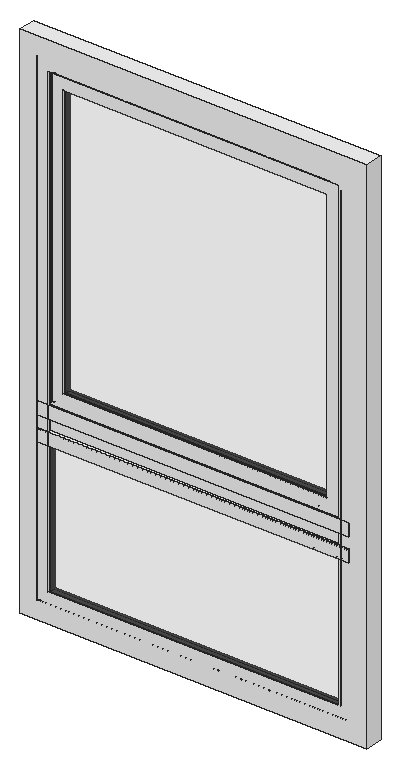
Revit family
Parameters (values of type "TH-PT0609")
  Height = 890 mm
  Head Height = 2125 mm
  Default Sill Height = Head Height - Height  # 1235 mm
  Wall Closure = (empty or 0)
  Width = 590 mm
Types (9, lengths in mm): name | Height | Default Sill Height | Width
  (no name) | 890 | 1235 | 590
  TH-PT0609 | 890 | 1235 | 590
  TH-PT0909 | 890 | 1235 | 890
  TH-PT0612 | 1190 | 935 | 590
  TH-PT0912 | 1190 | 935 | 890
  TH-PT0615 | 1490 | 635 | 590
  TH-PT0915 | 1490 | 635 | 890
  TH-PT0918 | 1790 | 335 | 890
  TH-PT0618 | 1790 | 335 | 590
Reference planes
  plane 1 "Center (Front/Back)": y = 0
  plane 2 "Center (Left/Right)": x = 0
  plane 3 "Left": x = -295
  plane 4 "Right": x = 295
  plane 5 "Sill": z = 1235
  plane 6 "Head": z = 2125
  plane 7 "Exterior": y = 100
  plane 8 "Interior": y = -100
  plane 9: y = -30.5
  plane 10: x = 0
  plane 11: z = 1560
Forms (mm)
  Sweep 1, solid, material "Default Frame"
    path origin (0, 100, 0) x (1, 0, 0) y (0, 0, 1)
      loop
        line (295, 2125) -> (-295, 2125) -> (-295, 1235) -> (295, 1235) -> (295, 2125)
    profile origin (0, 100, 2125) x (0, 0, -1) y (0, -1, 0)
      loop
        line (0, 115.25) -> (0, 84.75) -> (30.58, 84.75) -> (30.58, 87.464) -> (28.08, 86.021) -> (28.08, 113.85) -> (39.575, 113.85) -> (39.575, 111.85) -> (46.275, 111.85)
        arc (46.275, 111.85) -> (46.875, 111.25) -> (47.475, 111.85) r 0.6
        line (47.475, 111.85) -> (47.475, 115.25) -> (0, 115.25)
  Sweep 2, solid, material "Default Frame"
    path origin (-50, -100, -50) x (1, 0, 0) y (0, 0, -1)
      loop
        line (295, -2125) -> (295, -1620.96) -> (-195, -1620.96) -> (-195, -2125) -> (295, -2125)
    profile origin (0, -100, 2075) x (0, 0, 1) y (0, 1, 0)
      loop
        line (-2.36, 95.735) -> (-1.858, 90.997)
        arc (-1.858, 90.997) -> (-1.541, 90.736) -> (-1.26, 91.035) r 0.3
        line (-1.26, 91.035) -> (-1.26, 117.263) -> (-3.26, 116.536) -> (-3.26, 118.735) -> (-4.719, 118.735) -> (-17.687, 105.637) -> (-17.687, 104.637) -> (-5.88, 104.637) -> (-5.88, 105.637) -> (-2.36, 105.637) -> (-2.36, 95.735)
  Extrusion 3, solid, material "Glass"
    sketch origin (0, 0.5, 0) x (1, 0, 0) y (0, 0, 1)
      loop
        line (239.12, 2069.12) -> (-239.12, 2069.12) -> (-239.12, 1576.84) -> (239.12, 1576.84) -> (239.12, 2069.12)
    from 0 to 3
  Extrusion 4, solid, material "Glass"
    sketch origin (0, -3.513, -241.757) x (1, 0, 0) y (0, 0, 1)
      loop
        line (261.762, 1762.679) -> (-261.762, 1762.679) -> (-261.762, 1509.957) -> (261.762, 1509.957) -> (261.762, 1762.679)
    from 0 to 3
  Sweep 5, solid, material "Default Frame"
    path origin (-50, -100, -50) x (1, 0, 0) y (0, 0, -1)
      loop
        line (295, -2125) -> (295, -1621) -> (-195, -1621) -> (-195, -2125) -> (295, -2125)
    profile origin (0, -100, 2075) x (0, 0, 1) y (0, 1, 0)
      loop
        line (10.425, 88.75) -> (10.425, 91.464) -> (7.92, 90.018) -> (7.92, 117.85) -> (19.42, 117.85) -> (19.42, 115.85) -> (26.12, 115.85)
        arc (26.12, 115.85) -> (26.72, 115.25) -> (27.32, 115.85) r 0.6
        line (27.32, 115.85) -> (27.32, 119.25) -> (-3.26, 119.25) -> (-3.26, 116.536) -> (-0.76, 117.979) -> (-0.76, 90.15) -> (-12.255, 90.15) -> (-12.255, 92.15) -> (-18.955, 92.15)
        arc (-18.955, 92.15) -> (-19.555, 92.75) -> (-20.155, 92.15) r 0.6
        line (-20.155, 92.15) -> (-20.155, 88.75) -> (10.425, 88.75)
  Sweep 6, solid, material "Default Frame"
    path origin (-50, -100, -321.458) x (1, 0, 0) y (0, 0, -1)
      loop
        line (322.62, -1853.238) -> (322.62, -1578.8) -> (-222.62, -1578.8) -> (-222.62, -1853.238) -> (322.62, -1853.238)
    profile origin (0, -100, 1531.78) x (0, 0, 1) y (0, 1, 0)
      loop
        line (-7.338, 91.735) -> (-6.836, 86.997)
        arc (-6.836, 86.997) -> (-6.519, 86.736) -> (-6.238, 87.035) r 0.3
        line (-6.238, 87.035) -> (-6.238, 113.263) -> (-8.238, 112.536) -> (-8.238, 114.735) -> (-9.697, 114.735) -> (-22.664, 101.637) -> (-22.664, 100.637) -> (-10.858, 100.637) -> (-10.858, 101.637) -> (-7.338, 101.637) -> (-7.338, 91.735)
  Sweep 7, solid, material "Rubber seal"
    path origin (-50, -100, -50) x (1, 0, 0) y (0, 0, -1)
      loop
        line (295, -2125) -> (295, -1620.96) -> (-195, -1620.96) -> (-195, -2125) -> (295, -2125)
    profile origin (0, -100, 2075) x (0, 0, 1) y (0, 1, 0)
      loop
        line (-18.698, 104.637) -> (-22.835, 100.5) -> (-12.329, 100.5) -> (-12.329, 104.637) -> (-18.698, 104.637)
      loop
        line (-22.835, 97.5) -> (-19.555, 92.75) -> (-12.329, 92.75) -> (-12.329, 97.5) -> (-22.835, 97.5)
  Sweep 8, solid, material "Rubber seal"
    path origin (-50, -100, -326.955) x (1, 0, 0) y (0, 0, -1)
      loop
        line (328.12, -1864.235) -> (328.12, -1578.835) -> (-228.12, -1578.835) -> (-228.12, -1864.235) -> (328.12, -1864.235)
    profile origin (0, -100, 1537.28) x (0, 0, 1) y (0, 1, 0)
      loop
        line (-29.146, 100.637) -> (-33.255, 96.487) -> (-22.798, 96.487) -> (-22.798, 100.637) -> (-29.146, 100.637)
      loop
        line (-33.255, 93.487) -> (-30.03, 88.75) -> (-22.798, 88.75) -> (-22.798, 93.487) -> (-33.255, 93.487)
  Sweep 9, solid, material "Default Frame"
    path origin (0, 100, -612.42) x (1, 0, 0) y (0, 0, 1)
      loop
        line (264.44, 2175) -> (-264.44, 2175)
    profile origin (0, 100, 1562.58) x (0, 0, -1) y (0, -1, 0)
      loop
        line (-5.9, 115.25) -> (-5.9, 111.85)
        arc (-5.9, 111.85) -> (-5.3, 111.25) -> (-4.7, 111.85) r 0.6
        line (-4.7, 111.85) -> (2, 111.85) -> (2, 113.85) -> (13.5, 113.85) -> (13.5, 86.026) -> (11, 87.47) -> (11, 84.75) -> (39, 84.75) -> (39, 87.47) -> (36.5, 86.026) -> (36.5, 113.85) -> (48, 113.85) -> (48, 111.85) -> (54.7, 111.85)
        arc (54.7, 111.85) -> (55.3, 111.25) -> (55.9, 111.85) r 0.6
        line (55.9, 111.85) -> (55.9, 115.25) -> (34.5, 115.25) -> (34.5, 111.07) -> (15.5, 111.07) -> (15.5, 115.25) -> (-5.9, 115.25)
Lines and regions (mm)
  Opening 1
    outline origin (3500, -100, 0) x (1, 0, 0) y (0, 0, 1)
      loop
        line (-3205, 1235) -> (-3205, 2125) -> (-3795, 2125) -> (-3795, 1235) -> (-3205, 1235)
  symbolic lines, style "Elevation Swing"
    curve 1: line (272.32, 19.25, 2102.32) -> (0, 19.25, 1543.68)
    curve 2: line (0, 19.25, 1543.68) -> (-272.355, 19.25, 2102.355)
Text (mm)
  text "EXTERIOR" at (-1963.203, 1332.353, 0), in view "Ref. Level"
  text "INTERIOR" at (-1981.466, -818.386, 0), in view "Ref. Level"
  text "Exterior" at (0, 923.751, 2943.296), in view "Right"
  text "Exterior" at (0, 1040.484, 2685.409), in view "Left"
Dimensions and locks
  equal spacing: plane 3 "Left", plane 2 "Center (Left/Right)", plane 4 "Right"
  "Width": plane 3 "Left" to plane 4 "Right"
  "Height": plane 5 "Sill" to plane 6 "Head"
  "Default Sill Height": plane 5 "Sill" to level
  locked: plane 7 "Exterior" to host wall at 0
  locked: plane 8 "Interior" to host wall
  Extrusion 3 sketch curve to Sweep 5 = 2.62 mm  (x3)
  Sweep 5 to Extrusion 3 sketch curve = 2.58 mm
  equal spacing: plane 3 "Left", plane 10, plane 4 "Right"
  locked: Sweep 2 sketch curve to Sweep 5 at 3.3
  locked: Sweep 7 sketch curve to Sweep 5 at 3.3
  locked: Sweep 1 to Sweep 6 sketch curve at 8.2  (x2)
  locked: Sweep 9 to Sweep 6 sketch curve at 8.2
  Sweep 9 to Sweep 8 sketch curve = 13.7 mm
  Sweep 1 to Sweep 8 sketch curve = 13.7 mm  (x2)
  Sweep 8 sketch curve to Sweep 1 = 13.7 mm
  aligned and locked: plane 10 to curve 2
Automatic sketch dimensions
  Opening 1 sketch curve to plane 3 "Left" = 0 mm
  Opening 1 sketch curve to plane 4 "Right" = 0 mm
  Opening 1 sketch curve to plane 5 "Sill" = 0 mm
  Opening 1 sketch curve to plane 6 "Head" = 0 mm
  Sweep 1 sketch curve to plane 3 "Left" = 0 mm
  Sweep 1 sketch curve to plane 4 "Right" = 0 mm
  Sweep 1 sketch curve to plane 5 "Sill" = 0 mm
  Sweep 1 sketch curve to plane 6 "Head" = 0 mm
  Sweep 1 sketch curve to profile plane = 0 mm
  Sweep 1 sketch curve to profile plane = 28.08 mm
  Sweep 1 sketch curve to Sweep 1 sketch curve = 2.5 mm
  Sweep 1 sketch curve to Sweep 1 sketch curve = 11.495 mm
  Sweep 1 sketch curve to Sweep 1 sketch curve = 6.7 mm
  Sweep 1 sketch curve to Sweep 1 sketch curve = 0.6 mm
  profile plane to Sweep 1 sketch curve = 84.75 mm
  Sweep 1 sketch curve to Sweep 1 sketch curve = 1.271 mm
  Sweep 1 sketch curve to Sweep 1 sketch curve = 2.714 mm
  Sweep 1 sketch curve to Sweep 1 sketch curve = 24.386 mm
  Sweep 1 sketch curve to Sweep 1 sketch curve = 2 mm
  Sweep 1 sketch curve to Sweep 1 sketch curve = 3.4 mm
  Sweep 2 sketch curve to plane 3 "Left" = 50 mm
  plane 4 "Right" to Sweep 2 sketch curve = 50 mm
  plane 6 "Head" to Sweep 2 sketch curve = 50 mm
  profile plane to Sweep 2 sketch curve = 17.687 mm
  profile plane to Sweep 2 sketch curve = 5.88 mm
  profile plane to Sweep 2 sketch curve = 4.719 mm
  Sweep 2 sketch curve to Sweep 2 sketch curve = 1.459 mm
  profile plane to Sweep 2 sketch curve = 2.36 mm
  profile plane to Sweep 2 sketch curve = 1.858 mm
  Sweep 2 sketch curve to Sweep 2 sketch curve = 0.298 mm
  Sweep 2 sketch curve to Sweep 2 sketch curve = 0.3 mm
  profile plane to Sweep 2 sketch curve = 90.997 mm
  Sweep 2 sketch curve to Sweep 2 sketch curve = 4.738 mm
  Sweep 2 sketch curve to Sweep 2 sketch curve = 8.902 mm
  Sweep 2 sketch curve to Sweep 2 sketch curve = 1 mm  (x2)
  Sweep 2 sketch curve to Sweep 2 sketch curve = 10.899 mm
  Sweep 2 sketch curve to Sweep 2 sketch curve = 0.728 mm
  Sweep 2 sketch curve to Sweep 2 sketch curve = 2.2 mm
  plane 11 to Extrusion 4 sketch curve = 39.078 mm
  Extrusion 4 sketch curve to plane 3 "Left" = 33.238 mm
  plane 4 "Right" to Extrusion 4 sketch curve = 33.238 mm
  Extrusion 4 sketch curve to plane 5 "Sill" = 33.2 mm
  Sweep 5 sketch curve to plane 3 "Left" = 50 mm
  Sweep 5 sketch curve to plane 11 = 11 mm
  plane 4 "Right" to Sweep 5 sketch curve = 50 mm
  plane 6 "Head" to Sweep 5 sketch curve = 50 mm
  profile plane to Sweep 5 sketch curve = 20.155 mm
  Sweep 5 sketch curve to Sweep 5 sketch curve = 0.6 mm  (x2)
  Sweep 5 sketch curve to Sweep 5 sketch curve = 6.7 mm  (x2)
  profile plane to Sweep 5 sketch curve = 3.26 mm
  profile plane to Sweep 5 sketch curve = 0.76 mm
  Sweep 5 sketch curve to profile plane = 7.92 mm
  Sweep 5 sketch curve to Sweep 5 sketch curve = 2.505 mm
  Sweep 5 sketch curve to Sweep 5 sketch curve = 11.5 mm
  profile plane to Sweep 5 sketch curve = 88.75 mm
  Sweep 5 sketch curve to Sweep 5 sketch curve = 1.268 mm
  Sweep 5 sketch curve to Sweep 5 sketch curve = 1.4 mm
  Sweep 5 sketch curve to Sweep 5 sketch curve = 2.714 mm  (x2)
  Sweep 5 sketch curve to Sweep 5 sketch curve = 3.4 mm
  Sweep 5 sketch curve to Sweep 5 sketch curve = 24.386 mm
  Sweep 5 sketch curve to Sweep 5 sketch curve = 0.686 mm
  Sweep 5 sketch curve to Sweep 5 sketch curve = 2 mm
  Sweep 5 sketch curve to Sweep 5 sketch curve = 1.443 mm
  Sweep 6 sketch curve to plane 5 "Sill" = 22.342 mm
  profile plane to Sweep 6 sketch curve = 22.664 mm
  profile plane to Sweep 6 sketch curve = 10.858 mm
  profile plane to Sweep 6 sketch curve = 9.697 mm
  Sweep 6 sketch curve to Sweep 6 sketch curve = 1.459 mm
  Sweep 6 sketch curve to Sweep 6 sketch curve = 3.52 mm
  Sweep 6 sketch curve to Sweep 6 sketch curve = 0.502 mm
  Sweep 6 sketch curve to Sweep 6 sketch curve = 0.298 mm
  Sweep 6 sketch curve to Sweep 6 sketch curve = 0.3 mm
  profile plane to Sweep 6 sketch curve = 86.997 mm
  Sweep 6 sketch curve to Sweep 6 sketch curve = 4.738 mm
  Sweep 6 sketch curve to Sweep 6 sketch curve = 8.902 mm
  Sweep 6 sketch curve to Sweep 6 sketch curve = 1 mm  (x2)
  Sweep 6 sketch curve to Sweep 6 sketch curve = 10.899 mm
  Sweep 6 sketch curve to Sweep 6 sketch curve = 0.728 mm
  Sweep 6 sketch curve to Sweep 6 sketch curve = 2.2 mm
  Sweep 7 sketch curve to plane 3 "Left" = 50 mm
  plane 4 "Right" to Sweep 7 sketch curve = 50 mm
  plane 6 "Head" to Sweep 7 sketch curve = 50 mm
  profile plane to Sweep 7 sketch curve = 22.835 mm
  Sweep 7 sketch curve to Sweep 7 sketch curve = 0 mm
  Sweep 7 sketch curve to Sweep 7 sketch curve = 3.28 mm
  Sweep 7 sketch curve to Sweep 7 sketch curve = 4.137 mm  (x2)
  Sweep 7 sketch curve to Sweep 7 sketch curve = 6.37 mm
  Sweep 7 sketch curve to Sweep 7 sketch curve = 7.226 mm
  profile plane to Sweep 7 sketch curve = 92.75 mm
  Sweep 7 sketch curve to Sweep 7 sketch curve = 4.75 mm
  Sweep 7 sketch curve to Sweep 7 sketch curve = 3 mm
  profile plane to Sweep 8 sketch curve = 33.255 mm
  Sweep 8 sketch curve to Sweep 8 sketch curve = 0 mm
  Sweep 8 sketch curve to Sweep 8 sketch curve = 3.225 mm
  Sweep 8 sketch curve to Sweep 8 sketch curve = 4.109 mm
  Sweep 8 sketch curve to Sweep 8 sketch curve = 6.348 mm
  Sweep 8 sketch curve to Sweep 8 sketch curve = 7.231 mm
  profile plane to Sweep 8 sketch curve = 88.75 mm
  Sweep 8 sketch curve to Sweep 8 sketch curve = 4.737 mm
  Sweep 8 sketch curve to Sweep 8 sketch curve = 3 mm
  Sweep 8 sketch curve to Sweep 8 sketch curve = 4.15 mm
  curve 1 to Sweep 5 = 0 mm  (x3)
  curve 2 to Sweep 5 = 0.035 mm
  Sweep 5 to curve 2 = 0.035 mm
  profile plane to Sweep 9 sketch curve = 5.9 mm
  Sweep 9 sketch curve to Sweep 9 sketch curve = 0.6 mm  (x2)
  Sweep 9 sketch curve to profile plane = 2 mm
  Sweep 9 sketch curve to profile plane = 11 mm
  Sweep 9 sketch curve to Sweep 9 sketch curve = 2.5 mm  (x2)
  Sweep 9 sketch curve to Sweep 9 sketch curve = 2 mm  (x4)
  Sweep 9 sketch curve to Sweep 9 sketch curve = 19 mm
  Sweep 9 sketch curve to Sweep 9 sketch curve = 11.5 mm
  Sweep 9 sketch curve to Sweep 9 sketch curve = 6.7 mm
  profile plane to Sweep 9 sketch curve = 84.75 mm
  Sweep 9 sketch curve to Sweep 9 sketch curve = 1.276 mm  (x2)
  Sweep 9 sketch curve to Sweep 9 sketch curve = 2.72 mm  (x2)
  Sweep 9 sketch curve to Sweep 9 sketch curve = 23.6 mm
  Sweep 9 sketch curve to Sweep 9 sketch curve = 0.78 mm  (x2)
  Sweep 9 sketch curve to Sweep 9 sketch curve = 3.4 mm  (x2)
  Sweep 9 sketch curve to plane 11 = 2.58 mm
  Sweep 9 sketch curve to plane 3 "Left" = 30.56 mm
  plane 4 "Right" to Sweep 9 sketch curve = 30.56 mm
